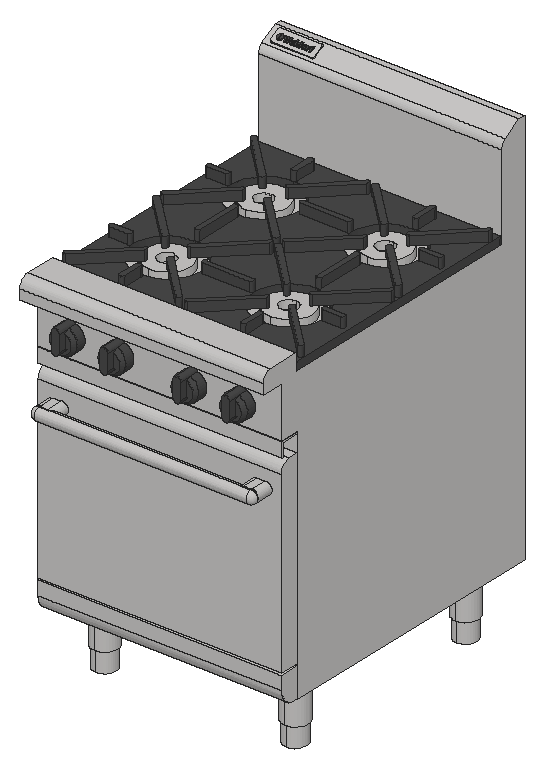
Revit family "QF_MOFFAT WALDORF_RN8410G", category Specialty Equipment, Revit 2012
Parameters
  Weight in Pounds = 346.1253
  URL Cutsheet = "www.moffat.com"
  URL = "www.moffat.com"
  Type Mark [instance] = ""
  Status [instance] = ""
  Specification by User [instance] = ""
  Specification by Manufacturer = ""
  Show Logo [instance] = yes
  Show Clearance [instance] = yes
  Show Casters [instance] = no
  Serial Number = ""
  Seismic Rating = ""
  SMACNA No = ""
  Revision Code [instance] = ""
  Omniclass Number and Title = ""
  NAFEM Spec ID Number = ""
  Model = "RN8410G"
  Mechanical Remarks [instance] = ""
  Mechanical Connection Type [instance] = ""
  Masterspec = ""
  Manufacturer = "MOFFAT WALDORF"
  Legs [instance] = not(Show Casters)  # yes
  Item Number [instance] = ""
  Installed By [instance] = ""
  Identify Quantity as Lot [instance] = yes
  Gas Size = 3/4"
  Gas RI Height [instance] = 0 mm
  Gas KW [instance] = 37.7
  Gas Input [instance] = 128903.0 Btu/h
  Gas Connection Height = 0 mm
  Furnished By [instance] = ""
  Foodservice Equipment Identifier [instance] = yes
  Description = "RANGE GAS WITH STATIC OVEN"
  CSI MasterFormat = ""
  CSI Master Format = ""
Reference planes
  plane 1 "BACK": y = 0
  plane 2: z = 0
  plane 3 "LEFT": x = 0
  plane 4 "RIGHT": x = 600
  plane 5 "FRONT": y = -805
  plane 6 "TOP": z = 1130
  plane 7 "Center Y": x = 300
  plane 8 "Center X": y = -402.5
  plane 9: x = 65
  plane 10: x = 535
  plane 11: y = -100
  plane 12 "Base Height": z = 150
  plane 13: x = 65.8
  plane 14: x = 470
Forms (mm)
  Extrusion 1, solid, material "QF_Finishes_Stainless Steel"
    sketch origin (0, 0, 0) x (0, 1, 0) y (0, 0, 1)
      loop
        line (-805, 891) -> (-805, 866) -> (-749, 866) -> (-749, 740) -> (-699, 740) -> (-699, 150) -> (0, 150) -> (0, 1130) -> (-16.5, 1130) -> (-58.709, 1105.631)
        arc (-58.709, 1105.631) -> (-66.975, 1097.365) -> (-70, 1086.074) r 22.582
        line (-70, 1086.074) -> (-70, 875) -> (-705, 875) -> (-705, 915) -> (-781, 915)
        arc (-781, 915) -> (-797.971, 907.971) -> (-805, 891) r 24
      loop
        line (-701, 222.5) -> (-749, 222.5) -> (-749, 188)
        arc (-749, 188) -> (-737.87, 161.13) -> (-711, 150) r 38
        line (-711, 150) -> (-701, 150) -> (-701, 222.5)
      loop
        line (-701, 227.5) -> (-701, 692.5) -> (-722.805, 692.5)
        arc (-722.805, 692.5) -> (-741.328, 684.828) -> (-749, 666.305) r 26.195
        line (-749, 666.305) -> (-749, 227.5) -> (-701, 227.5)
      loop
        line (-749, 738) -> (-749, 703) -> (-745.98, 703) -> (-745.98, 735) -> (-701, 735) -> (-701, 738) -> (-749, 738)
    from 0 to 600
  Extrusion 2, solid, material "QF_Finishes_Stainless Steel"
    sketch origin (405.062, 3, 100) x (1, 0, 0) y (0, 1, 0)
      loop
        circle (65, -35) r 13.5
    from 555 to 640
  Revolve 3, solid, material "QF_Finishes_Stainless Steel", visible <- "Legs"
    sketch origin (65, -165, 0) x (0, 1, 0) y (0, 0, 1)
      loop
        line (33.25, 150) -> (33.25, 50) -> (37.5, 50) -> (37.5, 0) -> (65, 0) -> (65, 150) -> (33.25, 150)
      axis (65, 150) -> (65, 0)
    angle from 0 to 360
  Revolve 4, solid, material "QF_Finishes_Stainless Steel"
    sketch origin (65, -735, 0) x (0, 1, 0) y (0, 0, 1)
      loop
        line (78.25, 150) -> (78.25, 50) -> (82.5, 50) -> (82.5, 0) -> (110, 0) -> (110, 150) -> (78.25, 150)
      axis (110, 150) -> (110, 0)
    angle from 0 to 360
  Revolve 5, solid, material "QF_Finishes_Stainless Steel"
    sketch origin (535, -735, 0) x (0, 1, 0) y (0, 0, -1)
      loop
        line (78.25, -150) -> (110, -150) -> (110, 0) -> (82.5, 0) -> (82.5, -50) -> (78.25, -50) -> (78.25, -150)
      axis (110, -150) -> (110, 0)
    angle from 0 to 360
  Revolve 6, solid, material "QF_Finishes_Stainless Steel", visible <- "Legs"
    sketch origin (535, -165, 0) x (0, 1, 0) y (0, 0, -1)
      loop
        line (33.25, -150) -> (65, -150) -> (65, 0) -> (37.5, 0) -> (37.5, -50) -> (33.25, -50) -> (33.25, -150)
      axis (65, -150) -> (65, 0)
    angle from 0 to 360
  Extrusion 7, solid, material "QF_Finishes_Black"
    sketch origin (0, -70, 875) x (0, -1, 0) y (1, 0, 0)
      loop
        arc (1, 4) -> (1.879, 1.879) -> (4, 1) r 3
        line (4, 1) -> (631, 1)
        arc (631, 1) -> (633.121, 1.879) -> (634, 4) r 3
        line (634, 4) -> (634, 596)
        arc (634, 596) -> (633.121, 598.121) -> (631, 599) r 3
        line (631, 599) -> (4, 599)
        arc (4, 599) -> (1.879, 598.121) -> (1, 596) r 3
        line (1, 596) -> (1, 4)
      loop
        circle (167.5, 150) r 85
      loop
        circle (167.5, 450) r 85
      loop
        circle (467.768, 150) r 85
      loop
        circle (467.768, 450) r 85
    from 0 to 19.5
  Extrusion 8, solid, material "QF_Finishes_Black"
    sketch origin (0, -70, 894.5) x (0, -1, 0) y (1, 0, 0)
      loop
        spline (323.602, 15.153) -> (322.681, 13.924) -> (322.131, 12.47) -> (321.99, 10.89) -> (322.267, 9.292) -> (322.943, 7.786) -> (323.973, 6.473) -> (325.286, 5.443) -> (326.792, 4.767) -> (328.39, 4.49) -> (329.97, 4.631) -> (331.424, 5.181) -> (332.653, 6.102)
        line (332.653, 6.102) -> (440.576, 114.025)
        spline (440.576, 114.025) -> (441.337, 115.095) -> (441.738, 116.399) -> (441.751, 117.851) -> (441.375, 119.35) -> (440.637, 120.795) -> (439.586, 122.086) -> (438.295, 123.137) -> (436.85, 123.875) -> (435.351, 124.251) -> (433.899, 124.238) -> (432.595, 123.837) -> (431.525, 123.076)
        line (431.525, 123.076) -> (323.602, 15.153)
      loop
        line (611.398, 15.153) -> (503.475, 123.076)
        spline (503.475, 123.076) -> (502.405, 123.837) -> (501.101, 124.238) -> (499.649, 124.251) -> (498.15, 123.875) -> (496.705, 123.137) -> (495.414, 122.086) -> (494.363, 120.795) -> (493.625, 119.35) -> (493.249, 117.851) -> (493.262, 116.399) -> (493.663, 115.095) -> (494.424, 114.025)
        line (494.424, 114.025) -> (602.347, 6.102)
        spline (602.347, 6.102) -> (603.416, 5.341) -> (604.721, 4.941) -> (606.172, 4.928) -> (607.671, 5.303) -> (609.116, 6.041) -> (610.408, 7.092) -> (611.459, 8.384) -> (612.197, 9.829) -> (612.572, 11.328) -> (612.559, 12.779) -> (612.159, 14.084) -> (611.398, 15.153)
      loop
        spline (375.602, 143.6) -> (376.896, 143.818) -> (378.102, 144.457) -> (379.138, 145.475) -> (379.932, 146.8) -> (380.432, 148.344) -> (380.602, 150) -> (380.432, 151.656) -> (379.932, 153.2) -> (379.138, 154.525) -> (378.102, 155.543) -> (376.896, 156.182) -> (375.602, 156.4)
        line (375.602, 156.4) -> (259.398, 156.4)
        spline (259.398, 156.4) -> (258.104, 156.182) -> (256.898, 155.543) -> (255.862, 154.525) -> (255.068, 153.2) -> (254.568, 151.656) -> (254.398, 150) -> (254.568, 148.344) -> (255.068, 146.8) -> (255.862, 145.475) -> (256.898, 144.457) -> (258.104, 143.818) -> (259.398, 143.6)
        line (259.398, 143.6) -> (375.602, 143.6)
      loop
        spline (23.602, 15.153) -> (22.681, 13.924) -> (22.131, 12.47) -> (21.99, 10.89) -> (22.267, 9.292) -> (22.943, 7.786) -> (23.973, 6.473) -> (25.286, 5.443) -> (26.792, 4.767) -> (28.39, 4.49) -> (29.97, 4.631) -> (31.424, 5.181) -> (32.653, 6.102)
        line (32.653, 6.102) -> (140.576, 114.025)
        spline (140.576, 114.025) -> (141.337, 115.095) -> (141.738, 116.399) -> (141.751, 117.851) -> (141.375, 119.35) -> (140.637, 120.795) -> (139.586, 122.086) -> (138.295, 123.137) -> (136.85, 123.875) -> (135.351, 124.251) -> (133.899, 124.238) -> (132.595, 123.837) -> (131.525, 123.076)
        line (131.525, 123.076) -> (23.602, 15.153)
      loop
        line (311.398, 15.153) -> (203.475, 123.076)
        spline (203.475, 123.076) -> (202.405, 123.837) -> (201.101, 124.238) -> (199.649, 124.251) -> (198.15, 123.875) -> (196.705, 123.137) -> (195.414, 122.086) -> (194.363, 120.795) -> (193.625, 119.35) -> (193.249, 117.851) -> (193.262, 116.399) -> (193.663, 115.095) -> (194.424, 114.025)
        line (194.424, 114.025) -> (302.347, 6.102)
        spline (302.347, 6.102) -> (303.416, 5.341) -> (304.721, 4.941) -> (306.172, 4.928) -> (307.671, 5.303) -> (309.116, 6.041) -> (310.408, 7.092) -> (311.459, 8.384) -> (312.197, 9.829) -> (312.572, 11.328) -> (312.559, 12.779) -> (312.159, 14.084) -> (311.398, 15.153)
      loop
        line (323.602, 284.847) -> (431.525, 176.924)
        spline (431.525, 176.924) -> (432.595, 176.163) -> (433.899, 175.762) -> (435.351, 175.749) -> (436.85, 176.125) -> (438.295, 176.863) -> (439.586, 177.914) -> (440.637, 179.205) -> (441.375, 180.65) -> (441.751, 182.149) -> (441.738, 183.601) -> (441.337, 184.905) -> (440.576, 185.975)
        line (440.576, 185.975) -> (332.653, 293.898)
        spline (332.653, 293.898) -> (331.424, 294.819) -> (329.97, 295.369) -> (328.39, 295.51) -> (326.792, 295.233) -> (325.286, 294.557) -> (323.973, 293.527) -> (322.943, 292.214) -> (322.267, 290.708) -> (321.99, 289.11) -> (322.131, 287.53) -> (322.681, 286.076) -> (323.602, 284.847)
      loop
        spline (611.398, 284.847) -> (612.159, 285.916) -> (612.559, 287.221) -> (612.572, 288.672) -> (612.197, 290.171) -> (611.459, 291.616) -> (610.408, 292.908) -> (609.116, 293.959) -> (607.671, 294.697) -> (606.172, 295.072) -> (604.721, 295.059) -> (603.416, 294.659) -> (602.347, 293.898)
        line (602.347, 293.898) -> (494.424, 185.975)
        spline (494.424, 185.975) -> (493.663, 184.905) -> (493.262, 183.601) -> (493.249, 182.149) -> (493.625, 180.65) -> (494.363, 179.205) -> (495.414, 177.914) -> (496.705, 176.863) -> (498.15, 176.125) -> (499.649, 175.749) -> (501.101, 175.762) -> (502.405, 176.163) -> (503.475, 176.924)
        line (503.475, 176.924) -> (611.398, 284.847)
      loop
        spline (461.1, 241.898) -> (461.318, 240.604) -> (461.957, 239.398) -> (462.975, 238.362) -> (464.3, 237.568) -> (465.844, 237.068) -> (467.5, 236.898) -> (469.156, 237.068) -> (470.7, 237.568) -> (472.025, 238.362) -> (473.043, 239.398) -> (473.682, 240.604) -> (473.9, 241.898)
        line (473.9, 241.898) -> (473.9, 358.102)
        spline (473.9, 358.102) -> (473.682, 359.396) -> (473.043, 360.602) -> (472.025, 361.638) -> (470.7, 362.432) -> (469.156, 362.932) -> (467.5, 363.102) -> (465.844, 362.932) -> (464.3, 362.432) -> (462.975, 361.638) -> (461.957, 360.602) -> (461.318, 359.396) -> (461.1, 358.102)
        line (461.1, 358.102) -> (461.1, 241.898)
      loop
        line (23.602, 284.847) -> (131.525, 176.924)
        spline (131.525, 176.924) -> (132.595, 176.163) -> (133.899, 175.762) -> (135.351, 175.749) -> (136.85, 176.125) -> (138.295, 176.863) -> (139.586, 177.914) -> (140.637, 179.205) -> (141.375, 180.65) -> (141.751, 182.149) -> (141.738, 183.601) -> (141.337, 184.905) -> (140.576, 185.975)
        line (140.576, 185.975) -> (32.653, 293.898)
        spline (32.653, 293.898) -> (31.424, 294.819) -> (29.97, 295.369) -> (28.39, 295.51) -> (26.792, 295.233) -> (25.286, 294.557) -> (23.973, 293.527) -> (22.943, 292.214) -> (22.267, 290.708) -> (21.99, 289.11) -> (22.131, 287.53) -> (22.681, 286.076) -> (23.602, 284.847)
      loop
        spline (311.398, 284.847) -> (312.159, 285.916) -> (312.559, 287.221) -> (312.572, 288.672) -> (312.197, 290.171) -> (311.459, 291.616) -> (310.408, 292.908) -> (309.116, 293.959) -> (307.671, 294.697) -> (306.172, 295.072) -> (304.721, 295.059) -> (303.416, 294.659) -> (302.347, 293.898)
        line (302.347, 293.898) -> (194.424, 185.975)
        spline (194.424, 185.975) -> (193.663, 184.905) -> (193.262, 183.601) -> (193.249, 182.149) -> (193.625, 180.65) -> (194.363, 179.205) -> (195.414, 177.914) -> (196.705, 176.863) -> (198.15, 176.125) -> (199.649, 175.749) -> (201.101, 175.762) -> (202.405, 176.163) -> (203.475, 176.924)
        line (203.475, 176.924) -> (311.398, 284.847)
      loop
        spline (161.1, 241.898) -> (161.318, 240.604) -> (161.957, 239.398) -> (162.975, 238.362) -> (164.3, 237.568) -> (165.844, 237.068) -> (167.5, 236.898) -> (169.156, 237.068) -> (170.7, 237.568) -> (172.025, 238.362) -> (173.043, 239.398) -> (173.682, 240.604) -> (173.9, 241.898)
        line (173.9, 241.898) -> (173.9, 358.102)
        spline (173.9, 358.102) -> (173.682, 359.396) -> (173.043, 360.602) -> (172.025, 361.638) -> (170.7, 362.432) -> (169.156, 362.932) -> (167.5, 363.102) -> (165.844, 362.932) -> (164.3, 362.432) -> (162.975, 361.638) -> (161.957, 360.602) -> (161.318, 359.396) -> (161.1, 358.102)
        line (161.1, 358.102) -> (161.1, 241.898)
      loop
        line (323.602, 584.847) -> (431.525, 476.924)
        spline (431.525, 476.924) -> (432.595, 476.163) -> (433.899, 475.762) -> (435.351, 475.749) -> (436.85, 476.125) -> (438.295, 476.863) -> (439.586, 477.914) -> (440.637, 479.205) -> (441.375, 480.65) -> (441.751, 482.149) -> (441.738, 483.601) -> (441.337, 484.905) -> (440.576, 485.975)
        line (440.576, 485.975) -> (332.653, 593.898)
        spline (332.653, 593.898) -> (331.424, 594.819) -> (329.97, 595.369) -> (328.39, 595.51) -> (326.792, 595.233) -> (325.286, 594.557) -> (323.973, 593.527) -> (322.943, 592.214) -> (322.267, 590.708) -> (321.99, 589.11) -> (322.131, 587.53) -> (322.681, 586.076) -> (323.602, 584.847)
      loop
        spline (611.398, 584.847) -> (612.159, 585.916) -> (612.559, 587.221) -> (612.572, 588.672) -> (612.197, 590.171) -> (611.459, 591.616) -> (610.408, 592.908) -> (609.116, 593.959) -> (607.671, 594.697) -> (606.172, 595.072) -> (604.721, 595.059) -> (603.416, 594.659) -> (602.347, 593.898)
        line (602.347, 593.898) -> (494.424, 485.975)
        spline (494.424, 485.975) -> (493.663, 484.905) -> (493.262, 483.601) -> (493.249, 482.149) -> (493.625, 480.65) -> (494.363, 479.205) -> (495.414, 477.914) -> (496.705, 476.863) -> (498.15, 476.125) -> (499.649, 475.749) -> (501.101, 475.762) -> (502.405, 476.163) -> (503.475, 476.924)
        line (503.475, 476.924) -> (611.398, 584.847)
      loop
        line (375.602, 456.4) -> (259.398, 456.4)
        spline (259.398, 456.4) -> (258.104, 456.182) -> (256.898, 455.543) -> (255.862, 454.525) -> (255.068, 453.2) -> (254.568, 451.656) -> (254.398, 450) -> (254.568, 448.344) -> (255.068, 446.8) -> (255.862, 445.475) -> (256.898, 444.457) -> (258.104, 443.818) -> (259.398, 443.6)
        line (259.398, 443.6) -> (375.602, 443.6)
        spline (375.602, 443.6) -> (376.896, 443.818) -> (378.102, 444.457) -> (379.138, 445.475) -> (379.932, 446.8) -> (380.432, 448.344) -> (380.602, 450) -> (380.432, 451.656) -> (379.932, 453.2) -> (379.138, 454.525) -> (378.102, 455.543) -> (376.896, 456.182) -> (375.602, 456.4)
      loop
        line (23.602, 584.847) -> (131.525, 476.924)
        spline (131.525, 476.924) -> (132.595, 476.163) -> (133.899, 475.762) -> (135.351, 475.749) -> (136.85, 476.125) -> (138.295, 476.863) -> (139.586, 477.914) -> (140.637, 479.205) -> (141.375, 480.65) -> (141.751, 482.149) -> (141.738, 483.601) -> (141.337, 484.905) -> (140.576, 485.975)
        line (140.576, 485.975) -> (32.653, 593.898)
        spline (32.653, 593.898) -> (31.424, 594.819) -> (29.97, 595.369) -> (28.39, 595.51) -> (26.792, 595.233) -> (25.286, 594.557) -> (23.973, 593.527) -> (22.943, 592.214) -> (22.267, 590.708) -> (21.99, 589.11) -> (22.131, 587.53) -> (22.681, 586.076) -> (23.602, 584.847)
      loop
        spline (311.398, 584.847) -> (312.159, 585.916) -> (312.559, 587.221) -> (312.572, 588.672) -> (312.197, 590.171) -> (311.459, 591.616) -> (310.408, 592.908) -> (309.116, 593.959) -> (307.671, 594.697) -> (306.172, 595.072) -> (304.721, 595.059) -> (303.416, 594.659) -> (302.347, 593.898)
        line (302.347, 593.898) -> (194.424, 485.975)
        spline (194.424, 485.975) -> (193.663, 484.905) -> (193.262, 483.601) -> (193.249, 482.149) -> (193.625, 480.65) -> (194.363, 479.205) -> (195.414, 477.914) -> (196.705, 476.863) -> (198.15, 476.125) -> (199.649, 475.749) -> (201.101, 475.762) -> (202.405, 476.163) -> (203.475, 476.924)
        line (203.475, 476.924) -> (311.398, 584.847)
      loop
        spline (323.602, 315.153) -> (322.681, 313.924) -> (322.131, 312.47) -> (321.99, 310.89) -> (322.267, 309.292) -> (322.943, 307.786) -> (323.973, 306.473) -> (325.286, 305.443) -> (326.792, 304.767) -> (328.39, 304.49) -> (329.97, 304.631) -> (331.424, 305.181) -> (332.653, 306.102)
        line (332.653, 306.102) -> (440.576, 414.025)
        spline (440.576, 414.025) -> (441.337, 415.095) -> (441.738, 416.399) -> (441.751, 417.851) -> (441.375, 419.35) -> (440.637, 420.795) -> (439.586, 422.086) -> (438.295, 423.137) -> (436.85, 423.875) -> (435.351, 424.251) -> (433.899, 424.238) -> (432.595, 423.837) -> (431.525, 423.076)
        line (431.525, 423.076) -> (323.602, 315.153)
      loop
        line (611.398, 315.153) -> (503.475, 423.076)
        spline (503.475, 423.076) -> (502.405, 423.837) -> (501.101, 424.238) -> (499.649, 424.251) -> (498.15, 423.875) -> (496.705, 423.137) -> (495.414, 422.086) -> (494.363, 420.795) -> (493.625, 419.35) -> (493.249, 417.851) -> (493.262, 416.399) -> (493.663, 415.095) -> (494.424, 414.025)
        line (494.424, 414.025) -> (602.347, 306.102)
        spline (602.347, 306.102) -> (603.416, 305.341) -> (604.721, 304.941) -> (606.172, 304.928) -> (607.671, 305.303) -> (609.116, 306.041) -> (610.408, 307.092) -> (611.459, 308.384) -> (612.197, 309.829) -> (612.572, 311.328) -> (612.559, 312.779) -> (612.159, 314.084) -> (611.398, 315.153)
      loop
        spline (23.602, 315.153) -> (22.681, 313.924) -> (22.131, 312.47) -> (21.99, 310.89) -> (22.267, 309.292) -> (22.943, 307.786) -> (23.973, 306.473) -> (25.286, 305.443) -> (26.792, 304.767) -> (28.39, 304.49) -> (29.97, 304.631) -> (31.424, 305.181) -> (32.653, 306.102)
        line (32.653, 306.102) -> (140.576, 414.025)
        spline (140.576, 414.025) -> (141.337, 415.095) -> (141.738, 416.399) -> (141.751, 417.851) -> (141.375, 419.35) -> (140.637, 420.795) -> (139.586, 422.086) -> (138.295, 423.137) -> (136.85, 423.875) -> (135.351, 424.251) -> (133.899, 424.238) -> (132.595, 423.837) -> (131.525, 423.076)
        line (131.525, 423.076) -> (23.602, 315.153)
      loop
        line (311.398, 315.153) -> (203.475, 423.076)
        spline (203.475, 423.076) -> (202.405, 423.837) -> (201.101, 424.238) -> (199.649, 424.251) -> (198.15, 423.875) -> (196.705, 423.137) -> (195.414, 422.086) -> (194.363, 420.795) -> (193.625, 419.35) -> (193.249, 417.851) -> (193.262, 416.399) -> (193.663, 415.095) -> (194.424, 414.025)
        line (194.424, 414.025) -> (302.347, 306.102)
        spline (302.347, 306.102) -> (303.416, 305.341) -> (304.721, 304.941) -> (306.172, 304.928) -> (307.671, 305.303) -> (309.116, 306.041) -> (310.408, 307.092) -> (311.459, 308.384) -> (312.197, 309.829) -> (312.572, 311.328) -> (312.559, 312.779) -> (312.159, 314.084) -> (311.398, 315.153)
      loop
        spline (77.5, 143.6) -> (78.794, 143.818) -> (80, 144.457) -> (81.036, 145.475) -> (81.83, 146.8) -> (82.33, 148.344) -> (82.5, 150) -> (82.33, 151.656) -> (81.83, 153.2) -> (81.036, 154.525) -> (80, 155.543) -> (78.794, 156.182) -> (77.5, 156.4)
        line (77.5, 156.4) -> (26.296, 156.4)
        spline (26.296, 156.4) -> (25.002, 156.182) -> (23.796, 155.543) -> (22.76, 154.525) -> (21.966, 153.2) -> (21.466, 151.656) -> (21.296, 150) -> (21.466, 148.344) -> (21.966, 146.8) -> (22.76, 145.475) -> (23.796, 144.457) -> (25.002, 143.818) -> (26.296, 143.6)
        line (26.296, 143.6) -> (77.5, 143.6)
      loop
        spline (77.5, 443.624) -> (78.794, 443.842) -> (80, 444.481) -> (81.036, 445.498) -> (81.83, 446.824) -> (82.33, 448.367) -> (82.5, 450.024) -> (82.33, 451.68) -> (81.83, 453.224) -> (81.036, 454.549) -> (80, 455.566) -> (78.794, 456.206) -> (77.5, 456.424)
        line (77.5, 456.424) -> (26.296, 456.424)
        spline (26.296, 456.424) -> (25.002, 456.206) -> (23.796, 455.566) -> (22.76, 454.549) -> (21.966, 453.224) -> (21.466, 451.68) -> (21.296, 450.024) -> (21.466, 448.367) -> (21.966, 446.824) -> (22.76, 445.498) -> (23.796, 444.481) -> (25.002, 443.842) -> (26.296, 443.624)
        line (26.296, 443.624) -> (77.5, 443.624)
      loop
        line (557.5, 143.6) -> (608.704, 143.6)
        spline (608.704, 143.6) -> (609.998, 143.818) -> (611.204, 144.457) -> (612.24, 145.475) -> (613.034, 146.8) -> (613.534, 148.344) -> (613.704, 150) -> (613.534, 151.656) -> (613.034, 153.2) -> (612.24, 154.525) -> (611.204, 155.543) -> (609.998, 156.182) -> (608.704, 156.4)
        line (608.704, 156.4) -> (557.5, 156.4)
        spline (557.5, 156.4) -> (556.206, 156.182) -> (555, 155.543) -> (553.964, 154.525) -> (553.17, 153.2) -> (552.67, 151.656) -> (552.5, 150) -> (552.67, 148.344) -> (553.17, 146.8) -> (553.964, 145.475) -> (555, 144.457) -> (556.206, 143.818) -> (557.5, 143.6)
      loop
        line (557.5, 443.624) -> (608.704, 443.624)
        spline (608.704, 443.624) -> (609.998, 443.842) -> (611.204, 444.481) -> (612.24, 445.498) -> (613.034, 446.824) -> (613.534, 448.367) -> (613.704, 450.024) -> (613.534, 451.68) -> (613.034, 453.224) -> (612.24, 454.549) -> (611.204, 455.566) -> (609.998, 456.206) -> (608.704, 456.424)
        line (608.704, 456.424) -> (557.5, 456.424)
        spline (557.5, 456.424) -> (556.206, 456.206) -> (555, 455.566) -> (553.964, 454.549) -> (553.17, 453.224) -> (552.67, 451.68) -> (552.5, 450.024) -> (552.67, 448.367) -> (553.17, 446.824) -> (553.964, 445.498) -> (555, 444.481) -> (556.206, 443.842) -> (557.5, 443.624)
      loop
        spline (161.1, 11.898) -> (161.318, 10.604) -> (161.957, 9.398) -> (162.975, 8.362) -> (164.3, 7.568) -> (165.844, 7.068) -> (167.5, 6.898) -> (169.156, 7.068) -> (170.7, 7.568) -> (172.025, 8.362) -> (173.043, 9.398) -> (173.682, 10.604) -> (173.9, 11.898)
        line (173.9, 11.898) -> (173.9, 58.102)
        spline (173.9, 58.102) -> (173.682, 59.396) -> (173.043, 60.602) -> (172.025, 61.638) -> (170.7, 62.432) -> (169.156, 62.932) -> (167.5, 63.102) -> (165.844, 62.932) -> (164.3, 62.432) -> (162.975, 61.638) -> (161.957, 60.602) -> (161.318, 59.396) -> (161.1, 58.102)
        line (161.1, 58.102) -> (161.1, 11.898)
      loop
        spline (461.234, 11.898) -> (461.452, 10.604) -> (462.091, 9.398) -> (463.108, 8.362) -> (464.434, 7.568) -> (465.978, 7.068) -> (467.634, 6.898) -> (469.29, 7.068) -> (470.834, 7.568) -> (472.159, 8.362) -> (473.177, 9.398) -> (473.816, 10.604) -> (474.034, 11.898)
        line (474.034, 11.898) -> (474.034, 58.102)
        spline (474.034, 58.102) -> (473.816, 59.396) -> (473.177, 60.602) -> (472.159, 61.638) -> (470.834, 62.432) -> (469.29, 62.932) -> (467.634, 63.102) -> (465.978, 62.932) -> (464.434, 62.432) -> (463.108, 61.638) -> (462.091, 60.602) -> (461.452, 59.396) -> (461.234, 58.102)
        line (461.234, 58.102) -> (461.234, 11.898)
      loop
        spline (161.1, 536.898) -> (161.318, 535.604) -> (161.957, 534.398) -> (162.975, 533.362) -> (164.3, 532.568) -> (165.844, 532.068) -> (167.5, 531.898) -> (169.156, 532.068) -> (170.7, 532.568) -> (172.025, 533.362) -> (173.043, 534.398) -> (173.682, 535.604) -> (173.9, 536.898)
        line (173.9, 536.898) -> (173.9, 583.102)
        spline (173.9, 583.102) -> (173.682, 584.396) -> (173.043, 585.602) -> (172.025, 586.638) -> (170.7, 587.432) -> (169.156, 587.932) -> (167.5, 588.102) -> (165.844, 587.932) -> (164.3, 587.432) -> (162.975, 586.638) -> (161.957, 585.602) -> (161.318, 584.396) -> (161.1, 583.102)
        line (161.1, 583.102) -> (161.1, 536.898)
      loop
        spline (461.234, 536.898) -> (461.452, 535.604) -> (462.091, 534.398) -> (463.108, 533.362) -> (464.434, 532.568) -> (465.978, 532.068) -> (467.634, 531.898) -> (469.29, 532.068) -> (470.834, 532.568) -> (472.159, 533.362) -> (473.177, 534.398) -> (473.816, 535.604) -> (474.034, 536.898)
        line (474.034, 536.898) -> (474.034, 583.102)
        spline (474.034, 583.102) -> (473.816, 584.396) -> (473.177, 585.602) -> (472.159, 586.638) -> (470.834, 587.432) -> (469.29, 587.932) -> (467.634, 588.102) -> (465.978, 587.932) -> (464.434, 587.432) -> (463.108, 586.638) -> (462.091, 585.602) -> (461.452, 584.396) -> (461.234, 583.102)
        line (461.234, 583.102) -> (461.234, 536.898)
    from 0 to 23.5
  Revolve 9, solid, material "QF_Finishes_Black"
    sketch origin (210, 0, 600.895) x (0, -1, 0) y (0, 0, 1)
      loop
        line (782, 229.605) -> (759, 229.605) -> (759, 202.105) -> (749, 202.105) -> (749, 197.105) -> (793, 197.105) -> (793, 223.757) -> (782, 229.605)
      axis (793, 197.105) -> (749, 197.105)
    angle from 0 to 360
  Extrusion 10, solid, material "QF_Finishes_Black"
    sketch origin (71.569, 0, 496.898) x (1, 0, 0) y (0, 0, 1)
      loop
        line (148.431, 289) -> (148.431, 327.997)
        arc (148.431, 327.997) -> (138.431, 337.997) -> (128.431, 327.997) r 10
        line (128.431, 327.997) -> (128.431, 289)
        arc (128.431, 289) -> (138.431, 279) -> (148.431, 289) r 10
    from 759 to 808
  Revolve 11, solid, material "QF_Finishes_Black"
    sketch origin (89.999, 0, 600.768) x (0, 1, 0) y (0, 0, -1)
      loop
        line (-782, -229.5) -> (-759, -229.5) -> (-759, -202) -> (-749, -202) -> (-749, -197) -> (-793, -197) -> (-793, -223.651) -> (-782, -229.5)
      axis (-793, -197) -> (-749, -197)
    angle from 0 to 360
  Extrusion 12, solid, material "QF_Finishes_Black"
    sketch origin (228.269, 0, 600.926) x (-1, 0, 0) y (0, 0, -1)
      loop
        arc (148.269, -184.969) -> (138.269, -174.969) -> (128.269, -184.969) r 10
        line (128.269, -184.969) -> (128.269, -223.969)
        arc (128.269, -223.969) -> (138.269, -233.969) -> (148.269, -223.969) r 10
        line (148.269, -223.969) -> (148.269, -184.969)
    from 759 to 808
  Revolve 13, solid, material "QF_Finishes_Black"
    sketch origin (510, 0, 600.895) x (0, -1, 0) y (0, 0, 1)
      loop
        line (782, 229.605) -> (759, 229.605) -> (759, 202.105) -> (749, 202.105) -> (749, 197.105) -> (793, 197.105) -> (793, 223.757) -> (782, 229.605)
      axis (793, 197.105) -> (749, 197.105)
    angle from 0 to 360
  Extrusion 14, solid, material "QF_Finishes_Black"
    sketch origin (371.569, 0, 496.898) x (1, 0, 0) y (0, 0, 1)
      loop
        line (148.431, 289) -> (148.431, 327.997)
        arc (148.431, 327.997) -> (138.431, 337.997) -> (128.431, 327.997) r 10
        line (128.431, 327.997) -> (128.431, 289)
        arc (128.431, 289) -> (138.431, 279) -> (148.431, 289) r 10
    from 759 to 808
  Revolve 15, solid, material "QF_Finishes_Black"
    sketch origin (389.999, 0, 600.768) x (0, 1, 0) y (0, 0, -1)
      loop
        line (-782, -229.5) -> (-759, -229.5) -> (-759, -202) -> (-749, -202) -> (-749, -197) -> (-793, -197) -> (-793, -223.651) -> (-782, -229.5)
      axis (-793, -197) -> (-749, -197)
    angle from 0 to 360
  Extrusion 16, solid, material "QF_Finishes_Black"
    sketch origin (528.269, 0, 600.926) x (-1, 0, 0) y (0, 0, -1)
      loop
        arc (148.269, -184.969) -> (138.269, -174.969) -> (128.269, -184.969) r 10
        line (128.269, -184.969) -> (128.269, -223.969)
        arc (128.269, -223.969) -> (138.269, -233.969) -> (148.269, -223.969) r 10
        line (148.269, -223.969) -> (148.269, -184.969)
    from 759 to 808
  Extrusion 17, solid, material "QF_Door-Drawer Clearances", visible <- "Show Clearance", detail levels coarse
    sketch origin (0, 2, 0) x (0, -1, 0) y (0, 0, 1)
      loop
        line (751, 692.496) -> (751, 227.5) -> (1215.996, 227.5)
        arc (1215.996, 227.5) -> (1079.802, 556.302) -> (751, 692.496) r 464.996
    from 0 to -600
  Extrusion 18, void
    sketch origin (0, 0, 150) x (-1, 0, 0) y (0, -1, 0)
      loop
        line (-531, 87.26) -> (-531, -30.24) -> (-401.5, -30.24) -> (-401.5, 38.76) -> (-450, 87.26) -> (-531, 87.26)
    from 72.5 to 590
  Extrusion 19, solid, material "QF_Finishes_Stainless Steel"
    sketch origin (0, -70, 875) x (0, -1, 0) y (1, 0, 0)
      loop
        circle (167.5, 450) r 57
      loop
        circle (467.5, 450) r 57
      loop
        circle (467.5, 150) r 57
      loop
        circle (168.75, 150) r 57
      loop
        circle (171.25, 150) r 22.112
      loop
        circle (171.25, 450) r 22.112
      loop
        circle (468.75, 450) r 22.112
      loop
        circle (469.375, 150) r 22.112
    from 0 to 19.5
  Extrusion 20, solid, material "QF_Finishes_Stainless Steel"
    sketch origin (0, -749, 227.5) x (0, 0, 1) y (-1, 0, 0)
      loop
        line (380.625, -38.246) -> (380.625, -58.528)
        arc (380.625, -58.528) -> (395.625, -73.528) -> (410.625, -58.528) r 15
        line (410.625, -58.528) -> (410.625, -38.246)
        arc (410.625, -38.246) -> (395.625, -23.246) -> (380.625, -38.246) r 15
      loop
        arc (380.625, -560.539) -> (395.625, -575.539) -> (410.625, -560.539) r 15
        line (410.625, -560.539) -> (410.625, -540.257)
        arc (410.625, -540.257) -> (395.625, -525.257) -> (380.625, -540.257) r 15
        line (380.625, -540.257) -> (380.625, -560.539)
    from 0 to 44
  Revolve 21, solid, material "QF_Finishes_Stainless Steel"
    sketch origin (0, -793, 0) x (1, 0, 0) y (0, 0, 1)
      loop
        arc (575.539, 623.125) -> (571.146, 633.732) -> (560.539, 638.125) r 15
        line (560.539, 638.125) -> (38.246, 638.125)
        arc (38.246, 638.125) -> (27.64, 633.732) -> (23.246, 623.125) r 15
        line (23.246, 623.125) -> (575.539, 623.125)
      axis (575.539, 623.125) -> (23.246, 623.125)
    angle from 0 to 360
Cuts and joins
  Extrusion 18 cuts Extrusion 1
Lines and regions (mm)
  Split face 1
    outline origin (22.5, -19.748, 1128.125) x (0, -0.866025, -0.5) y (1, 0, 0)
      loop
        line (1.427, 105.5) -> (35.836, 105.5) -> (35.836, 125.5) -> (1.427, 125.5) -> (1.427, 105.5)
  Split face 2
    outline origin (49.289, -19.748, 1128.125) x (0, -0.866025, -0.5) y (1, 0, 0)
      loop
        line (1.427, 105.5) -> (35.836, 105.5) -> (35.836, 125.5) -> (1.427, 125.5) -> (1.427, 105.5)
  Split face 3
    outline origin (76.967, -19.748, 1128.125) x (0, -0.866025, -0.5) y (1, 0, 0)
      loop
        line (1.427, 105.5) -> (35.836, 105.5) -> (35.836, 125.5) -> (1.427, 125.5) -> (1.427, 105.5)
  Split face 4
    outline origin (103.591, -19.748, 1128.125) x (0, -0.866025, -0.5) y (1, 0, 0)
      loop
        line (1.427, 105.5) -> (35.836, 105.5) -> (35.836, 125.5) -> (1.427, 125.5) -> (1.427, 105.5)
  Split face 5
    outline origin (130.215, -19.748, 1128.125) x (0, -0.866025, -0.5) y (1, 0, 0)
      loop
        line (1.427, 105.5) -> (35.836, 105.5) -> (35.836, 125.5) -> (1.427, 125.5) -> (1.427, 105.5)
  Split face 6
    outline origin (157.366, -19.748, 1128.125) x (0, -0.866025, -0.5) y (1, 0, 0)
      loop
        line (1.427, 105.5) -> (35.836, 105.5) -> (35.836, 125.5) -> (1.427, 125.5) -> (1.427, 105.5)
  Split face 7
    outline origin (184.781, -19.748, 1128.125) x (0, -0.866025, -0.5) y (1, 0, 0)
      loop
        line (1.427, 105.5) -> (35.836, 105.5) -> (35.836, 125.5) -> (1.427, 125.5) -> (1.427, 105.5)
  Split face 8
    outline origin (211.405, -19.748, 1128.125) x (0, -0.866025, -0.5) y (1, 0, 0)
      loop
        line (1.427, 105.5) -> (35.836, 105.5) -> (35.836, 125.5) -> (1.427, 125.5) -> (1.427, 105.5)
  Split face 9
    outline origin (238.292, -19.748, 1128.125) x (0, -0.866025, -0.5) y (1, 0, 0)
      loop
        line (1.427, 105.5) -> (35.836, 105.5) -> (35.836, 125.5) -> (1.427, 125.5) -> (1.427, 105.5)
  Split face 10
    outline origin (265.971, -19.748, 1128.125) x (0, -0.866025, -0.5) y (1, 0, 0)
      loop
        line (1.427, 105.5) -> (35.836, 105.5) -> (35.836, 125.5) -> (1.427, 125.5) -> (1.427, 105.5)
  Split face 11
    outline origin (292.533, -19.748, 1128.125) x (0, -0.866025, -0.5) y (1, 0, 0)
      loop
        line (1.427, 105.5) -> (35.836, 105.5) -> (35.836, 125.5) -> (1.427, 125.5) -> (1.427, 105.5)
  Split face 12
    outline origin (319.444, -19.748, 1128.125) x (0, -0.866025, -0.5) y (1, 0, 0)
      loop
        line (1.427, 105.5) -> (35.836, 105.5) -> (35.836, 125.5) -> (1.427, 125.5) -> (1.427, 105.5)
  Split face 13
    outline origin (346.271, -19.748, 1128.125) x (0, -0.866025, -0.5) y (1, 0, 0)
      loop
        line (1.427, 105.5) -> (35.836, 105.5) -> (35.836, 125.5) -> (1.427, 125.5) -> (1.427, 105.5)
  symbolic lines
    curve 1: line (0, 0, 0) -> (0, -805, 0)
    curve 2: line (600, 0, 0) -> (0, 0, 0)
    curve 3: line (600, -805, 0) -> (600, 0, 0)
    curve 9: line (600, -705, 0) -> (0, -705, 0)
    curve 10: line (300, -70, 0) -> (300, -705, 0)
    curve 11: line (128, -50.782, 0) -> (128, -20.984, 0)
    curve 12: line (128, -20.984, 0) -> (148, -20.984, 0)
    curve 13: line (148, -20.984, 0) -> (148, -50.782, 0)
    curve 14: line (148, -50.782, 0) -> (128, -50.782, 0)
    curve 15: line (154.789, -50.782, 0) -> (154.789, -20.984, 0)
    curve 16: line (154.789, -20.984, 0) -> (174.789, -20.984, 0)
    curve 17: line (174.789, -20.984, 0) -> (174.789, -50.782, 0)
    curve 18: line (174.789, -50.782, 0) -> (154.789, -50.782, 0)
    curve 19: line (182.467, -20.984, 0) -> (202.467, -20.984, 0)
    curve 20: line (202.467, -20.984, 0) -> (202.467, -50.782, 0)
    curve 21: line (202.467, -50.782, 0) -> (182.467, -50.782, 0)
    curve 22: line (182.467, -50.782, 0) -> (182.467, -20.984, 0)
    curve 23: line (229.091, -20.984, 0) -> (209.091, -20.984, 0)
    curve 24: line (209.091, -20.984, 0) -> (209.091, -50.782, 0)
    curve 25: line (209.091, -50.782, 0) -> (229.091, -50.782, 0)
    curve 26: line (229.091, -50.782, 0) -> (229.091, -20.984, 0)
    curve 27: line (255.715, -20.984, 0) -> (235.715, -20.984, 0)
    curve 28: line (235.715, -20.984, 0) -> (235.715, -50.782, 0)
    curve 29: line (235.715, -50.782, 0) -> (255.715, -50.782, 0)
    curve 30: line (255.715, -50.782, 0) -> (255.715, -20.984, 0)
    curve 31: line (282.866, -20.984, 0) -> (262.866, -20.984, 0)
    curve 32: line (262.866, -20.984, 0) -> (262.866, -50.782, 0)
    curve 33: line (262.866, -50.782, 0) -> (282.866, -50.782, 0)
    curve 34: line (282.866, -50.782, 0) -> (282.866, -20.984, 0)
    curve 35: line (310.281, -20.984, 0) -> (290.281, -20.984, 0)
    curve 36: line (290.281, -20.984, 0) -> (290.281, -50.782, 0)
    curve 37: line (290.281, -50.782, 0) -> (310.281, -50.782, 0)
    curve 38: line (310.281, -50.782, 0) -> (310.281, -20.984, 0)
    curve 39: line (316.905, -20.984, 0) -> (336.905, -20.984, 0)
    curve 40: line (336.905, -20.984, 0) -> (336.905, -50.782, 0)
    curve 41: line (336.905, -50.782, 0) -> (316.905, -50.782, 0)
    curve 42: line (316.905, -50.782, 0) -> (316.905, -20.984, 0)
    curve 43: line (363.792, -20.984, 0) -> (343.792, -20.984, 0)
    curve 44: line (343.792, -20.984, 0) -> (343.792, -50.782, 0)
    curve 45: line (343.792, -50.782, 0) -> (363.792, -50.782, 0)
    curve 46: line (363.792, -50.782, 0) -> (363.792, -20.984, 0)
    curve 47: line (371.471, -50.782, 0) -> (391.471, -50.782, 0)
    curve 48: line (391.471, -50.782, 0) -> (391.471, -20.984, 0)
    curve 49: line (391.471, -20.984, 0) -> (371.471, -20.984, 0)
    curve 50: line (371.471, -20.984, 0) -> (371.471, -50.782, 0)
    curve 51: line (398.033, -50.782, 0) -> (418.033, -50.782, 0)
    curve 52: line (418.033, -50.782, 0) -> (418.033, -20.984, 0)
    curve 53: line (418.033, -20.984, 0) -> (398.033, -20.984, 0)
    curve 54: line (398.033, -20.984, 0) -> (398.033, -50.782, 0)
    curve 55: line (444.944, -50.782, 0) -> (424.944, -50.782, 0)
    curve 56: line (424.944, -50.782, 0) -> (424.944, -20.984, 0)
    curve 57: line (424.944, -20.984, 0) -> (444.944, -20.984, 0)
    curve 58: line (444.944, -20.984, 0) -> (444.944, -50.782, 0)
    curve 59: line (451.771, -50.782, 0) -> (471.771, -50.782, 0)
    curve 60: line (471.771, -50.782, 0) -> (471.771, -20.984, 0)
    curve 61: line (471.771, -20.984, 0) -> (451.771, -20.984, 0)
    curve 62: line (451.771, -20.984, 0) -> (451.771, -50.782, 0)
    curve 63: arc (150, -180.5, 0) -> (93, -237.5, 0) -> (150, -294.5, 0) r 57
    curve 64: arc (150, -294.5, 0) -> (207, -237.5, 0) -> (150, -180.5, 0) r 57
    curve 65: arc (450, -180.5, 0) -> (393, -237.5, 0) -> (450, -294.5, 0) r 57
    curve 66: arc (450, -294.5, 0) -> (507, -237.5, 0) -> (450, -180.5, 0) r 57
    curve 67: arc (150, -480.5, 0) -> (93, -537.5, 0) -> (150, -594.5, 0) r 57
    curve 68: arc (150, -594.5, 0) -> (207, -537.5, 0) -> (150, -480.5, 0) r 57
    curve 69: arc (450, -480.5, 0) -> (393, -537.5, 0) -> (450, -594.5, 0) r 57
    curve 70: arc (450, -594.5, 0) -> (507, -537.5, 0) -> (450, -480.5, 0) r 57
    curve 71: line (5.842, -93.966, 0) -> (121.036, -209.16, 0)
    curve 72: line (149.988, -91.33, 0) -> (149.988, -152.5, 0)
    curve 73: line (4.26, -237.366, 0) -> (64.26, -237.366, 0)
    curve 74: line (121.121, -265.113, 0) -> (6.585, -379.648, 0)
    curve 75: line (177.796, -265.64, 0) -> (292.595, -380.439, 0)
    curve 76: line (149.988, -322.5, 0) -> (149.988, -384.423, 0)
    curve 77: line (176.788, -209.684, 0) -> (292.899, -93.573, 0)
    curve 78: line (594.158, -93.966, 0) -> (478.964, -209.16, 0)
    curve 79: line (450.012, -91.33, 0) -> (450.012, -152.5, 0)
    curve 80: line (595.74, -237.366, 0) -> (535.74, -237.366, 0)
    curve 81: line (478.879, -265.113, 0) -> (593.415, -379.648, 0)
    curve 82: line (422.204, -265.64, 0) -> (307.405, -380.439, 0)
    curve 83: line (450.012, -322.5, 0) -> (450.012, -384.423, 0)
    curve 84: line (358.238, -236.771, 0) -> (242.49, -236.771, 0)
    curve 85: line (423.212, -209.684, 0) -> (307.101, -93.573, 0)
    curve 86: line (5.842, -681.034, 0) -> (121.036, -565.84, 0)
    curve 87: line (149.988, -683.67, 0) -> (149.988, -622.768, 0)
    curve 88: line (4.26, -537.634, 0) -> (64.26, -537.634, 0)
    curve 89: line (121.121, -509.887, 0) -> (6.585, -395.352, 0)
    curve 90: line (177.796, -509.36, 0) -> (292.595, -394.561, 0)
    curve 91: line (149.988, -452.768, 0) -> (149.988, -390.577, 0)
    curve 92: line (176.788, -565.316, 0) -> (292.899, -681.427, 0)
    curve 93: line (594.158, -681.034, 0) -> (478.964, -565.84, 0)
    curve 94: line (450.012, -683.67, 0) -> (450.012, -622.768, 0)
    curve 95: line (595.74, -537.634, 0) -> (535.74, -537.634, 0)
    curve 96: line (478.879, -509.887, 0) -> (593.415, -395.352, 0)
    curve 97: line (422.204, -509.36, 0) -> (307.405, -394.561, 0)
    curve 98: line (450.012, -452.768, 0) -> (450.012, -390.577, 0)
    curve 99: line (362.613, -538.229, 0) -> (237.613, -538.229, 0)
    curve 100: line (423.212, -565.316, 0) -> (307.101, -681.427, 0)
    curve 101: line (0, -70, 0) -> (600, -70, 0)
    curve 102: line (0, -387.5, 0) -> (599, -387.5, 0)
    curve 106: arc (149.988, -622.768, 0) -> (64.988, -537.768, 0) -> (149.988, -452.768, 0) r 85
    curve 107: arc (149.988, -452.768, 0) -> (234.988, -537.768, 0) -> (149.988, -622.768, 0) r 85
    curve 108: arc (149.988, -152.5, 0) -> (234.988, -237.5, 0) -> (149.988, -322.5, 0) r 85
    curve 109: arc (149.988, -322.5, 0) -> (64.988, -237.5, 0) -> (149.988, -152.5, 0) r 85
    curve 110: arc (450.012, -322.5, 0) -> (365.012, -237.5, 0) -> (450.012, -152.5, 0) r 85
    curve 111: arc (450.012, -152.5, 0) -> (535.012, -237.5, 0) -> (450.012, -322.5, 0) r 85
    curve 112: arc (450.012, -622.768, 0) -> (365.012, -537.768, 0) -> (450.012, -452.768, 0) r 85
    curve 113: arc (450.012, -452.768, 0) -> (535.012, -537.768, 0) -> (450.012, -622.768, 0) r 85
    curve 114: arc (150, -517.263, 0) -> (172.112, -539.375, 0) -> (150, -561.487, 0) r 22.112
    curve 115: arc (150, -561.487, 0) -> (127.888, -539.375, 0) -> (150, -517.263, 0) r 22.112
    curve 116: arc (450, -560.862, 0) -> (427.888, -538.75, 0) -> (450, -516.638, 0) r 22.112
    curve 117: arc (450, -516.638, 0) -> (472.112, -538.75, 0) -> (450, -560.862, 0) r 22.112
    curve 118: arc (450, -263.362, 0) -> (427.888, -241.25, 0) -> (450, -219.138, 0) r 22.112
    curve 119: arc (450, -219.138, 0) -> (472.112, -241.25, 0) -> (450, -263.362, 0) r 22.112
    curve 120: arc (150, -219.138, 0) -> (172.112, -241.25, 0) -> (150, -263.362, 0) r 22.112
    curve 121: arc (150, -263.362, 0) -> (127.888, -241.25, 0) -> (150, -219.138, 0) r 22.112
  symbolic lines, visible <- "Show Clearance"
    curve 4: line (0, -805, 0) -> (600, -805, 0)
  symbolic lines, visible <- "Show Logo"
    curve 5: line (12.5, -51.234, 0) -> (12.5, -20.958, 0)
    curve 6: line (12.5, -20.958, 0) -> (121.5, -20.958, 0)
    curve 7: line (12.5, -51.234, 0) -> (121.5, -51.234, 0)
    curve 8: line (121.5, -20.958, 0) -> (121.5, -51.234, 0)
  symbolic lines, style "QF_Door-Drawer Clearances", visible <- "Show Clearance"
    curve 103: line (0, -805, 0) -> (0, -1212, 0)
    curve 104: line (0, -1212, 0) -> (600, -1212, 0)
    curve 105: line (600, -1212, 0) -> (600, -805, 0)
Dimensions and locks
  equal spacing: plane 3 "LEFT", plane 7 "Center Y", plane 4 "RIGHT"
  plane 3 "LEFT" to plane 4 "RIGHT" = 600 mm
  equal spacing: plane 5 "FRONT", plane 8 "Center X", plane 1 "BACK"
  plane 5 "FRONT" to plane 1 "BACK" = 805 mm  (x2)
  equal spacing: plane 4 "RIGHT", plane 7 "Center Y", plane 3 "LEFT"
  plane 4 "RIGHT" to plane 3 "LEFT" = 600 mm
  plane 6 "TOP" to level = 1130 mm  (x2)
  Extrusion 2 to level = 655 mm
  Extrusion 2 to plane 1 "BACK" = 32 mm
  Extrusion 1 to level = 915 mm
  plane 12 "Base Height" to level = 150 mm
  plane 6 "TOP" to plane 2 = 1130 mm
  locked: plane 2 to Extrusion 1 sketch curve at 875
  locked: plane 2 to Extrusion 1 sketch curve at 915
  Extrusion 7 sketch curve to plane 13 = 64.8 mm
  aligned and locked: level to plane 2
  aligned and locked: curve 3 to plane 4 "RIGHT"
  aligned and locked: Extrusion 17 to Extrusion 1
Automatic sketch dimensions
  Extrusion 1 sketch curve to plane 5 "FRONT" = 0 mm
  Extrusion 1 sketch curve to plane 12 "Base Height" = 0 mm  (x2)
  Extrusion 1 sketch curve to plane 6 "TOP" = 0 mm
  Extrusion 1 sketch curve to plane 1 "BACK" = 0 mm
  Extrusion 1 sketch curve to plane 5 "FRONT" = 24 mm
  Extrusion 1 sketch curve to plane 5 "FRONT" = 56 mm  (x2)
  Extrusion 1 sketch curve to Extrusion 1 sketch curve = 0 mm  (x2)
  Extrusion 1 sketch curve to Extrusion 1 sketch curve = 3.02 mm
  Extrusion 1 sketch curve to Extrusion 1 sketch curve = 23.174 mm
  Extrusion 1 sketch curve to Extrusion 1 sketch curve = 38 mm
  Extrusion 1 sketch curve to Extrusion 1 sketch curve = 44 mm
  Extrusion 1 sketch curve to Extrusion 1 sketch curve = 10 mm
  Extrusion 1 sketch curve to Extrusion 1 sketch curve = 44.98 mm
  Extrusion 1 sketch curve to Extrusion 1 sketch curve = 21.805 mm
  Extrusion 1 sketch curve to Extrusion 1 sketch curve = 2 mm  (x2)
  plane 11 to Extrusion 1 sketch curve = 30 mm
  Extrusion 1 sketch curve to Extrusion 1 sketch curve = 11.291 mm
  Extrusion 1 sketch curve to Extrusion 1 sketch curve = 22.582 mm
  plane 1 "BACK" to Extrusion 1 sketch curve = 16.5 mm
  Extrusion 1 sketch curve to Extrusion 1 sketch curve = 34.5 mm
  Extrusion 1 sketch curve to Extrusion 1 sketch curve = 5 mm
  Extrusion 1 sketch curve to Extrusion 1 sketch curve = 208.695 mm
  Extrusion 1 sketch curve to Extrusion 1 sketch curve = 10.5 mm
  Extrusion 1 sketch curve to Extrusion 1 sketch curve = 42.5 mm
  Extrusion 1 sketch curve to Extrusion 1 sketch curve = 3 mm
  Extrusion 1 sketch curve to Extrusion 1 sketch curve = 25 mm
  Extrusion 1 sketch curve to plane 6 "TOP" = 43.926 mm
  plane 14 to Extrusion 2 sketch curve = 0.062 mm
  plane 1 "BACK" to Extrusion 2 sketch curve = 32 mm
  Extrusion 1 to Split face 1 sketch curve = 5.177 mm
  Split face 1 sketch curve to Extrusion 1 = 9.153 mm
  Split face 1 sketch curve to Extrusion 1 = 128 mm
  Split face 1 sketch curve to Split face 1 sketch curve = 20 mm
  Extrusion 1 to Split face 2 sketch curve = 5.177 mm
  Split face 2 sketch curve to Extrusion 1 = 9.153 mm
  Split face 2 sketch curve to Extrusion 1 = 154.789 mm
  Split face 2 sketch curve to Split face 2 sketch curve = 20 mm
  Extrusion 1 to Split face 3 sketch curve = 5.177 mm
  Split face 3 sketch curve to Extrusion 1 = 9.153 mm
  Split face 3 sketch curve to Extrusion 1 = 182.467 mm
  Split face 3 sketch curve to Split face 3 sketch curve = 20 mm
  Extrusion 1 to Split face 4 sketch curve = 5.177 mm
  Split face 4 sketch curve to Extrusion 1 = 9.153 mm
  Split face 4 sketch curve to Extrusion 1 = 209.091 mm
  Split face 4 sketch curve to Split face 4 sketch curve = 20 mm
  Extrusion 1 to Split face 5 sketch curve = 5.177 mm
  Split face 5 sketch curve to Extrusion 1 = 9.153 mm
  Split face 5 sketch curve to Extrusion 1 = 235.715 mm
  Split face 5 sketch curve to Split face 5 sketch curve = 20 mm
  Extrusion 1 to Split face 6 sketch curve = 5.177 mm
  Split face 6 sketch curve to Extrusion 1 = 9.153 mm
  Split face 6 sketch curve to Extrusion 1 = 262.866 mm
  Split face 6 sketch curve to Split face 6 sketch curve = 20 mm
  Extrusion 1 to Split face 7 sketch curve = 5.177 mm
  Split face 7 sketch curve to Extrusion 1 = 9.153 mm
  Split face 7 sketch curve to Extrusion 1 = 290.281 mm
  Split face 7 sketch curve to Split face 7 sketch curve = 20 mm
  Extrusion 1 to Split face 8 sketch curve = 5.177 mm
  Split face 8 sketch curve to Extrusion 1 = 9.153 mm
  Split face 8 sketch curve to Extrusion 1 = 283.095 mm
  Split face 8 sketch curve to Split face 8 sketch curve = 20 mm
  Extrusion 1 to Split face 9 sketch curve = 5.177 mm
  Split face 9 sketch curve to Extrusion 1 = 9.153 mm
  Split face 9 sketch curve to Extrusion 1 = 256.208 mm
  Split face 9 sketch curve to Split face 9 sketch curve = 20 mm
  Extrusion 1 to Split face 10 sketch curve = 5.177 mm
  Split face 10 sketch curve to Extrusion 1 = 9.153 mm
  Split face 10 sketch curve to Extrusion 1 = 228.529 mm
  Split face 10 sketch curve to Split face 10 sketch curve = 20 mm
  Extrusion 1 to Split face 11 sketch curve = 5.177 mm
  Split face 11 sketch curve to Extrusion 1 = 9.153 mm
  Split face 11 sketch curve to Extrusion 1 = 201.967 mm
  Split face 11 sketch curve to Split face 11 sketch curve = 20 mm
  Extrusion 1 to Split face 12 sketch curve = 5.177 mm
  Split face 12 sketch curve to Extrusion 1 = 9.153 mm
  Split face 12 sketch curve to Extrusion 1 = 175.056 mm
  Split face 12 sketch curve to Split face 12 sketch curve = 20 mm
  Extrusion 1 to Split face 13 sketch curve = 5.177 mm
  Split face 13 sketch curve to Extrusion 1 = 9.153 mm
  Split face 13 sketch curve to Extrusion 1 = 148.229 mm
  Split face 13 sketch curve to Split face 13 sketch curve = 20 mm
  Revolve 3 sketch curve to plane 12 "Base Height" = 0 mm
  Revolve 3 sketch curve to level = 0 mm
  Revolve 3 sketch curve to plane 11 = 0 mm  (x2)
  Revolve 3 sketch curve to Revolve 3 sketch curve = 27.5 mm
  Revolve 3 sketch curve to Revolve 3 sketch curve = 31.75 mm
  Revolve 3 sketch curve to Revolve 3 sketch curve = 55 mm
  level to Revolve 3 sketch curve = 50 mm
  Revolve 3 sketch curve to Revolve 3 sketch curve = 0 mm
  Revolve 4 sketch curve to plane 12 "Base Height" = 0 mm
  Revolve 4 sketch curve to level = 0 mm
  level to Revolve 4 sketch curve = 50 mm
  Revolve 4 sketch curve to plane 5 "FRONT" = 148.25 mm
  Revolve 4 sketch curve to Revolve 4 sketch curve = 4.25 mm
  Revolve 4 sketch curve to Revolve 4 sketch curve = 27.5 mm  (x2)
  Revolve 4 sketch curve to Revolve 4 sketch curve = 55 mm
  Revolve 4 sketch curve to Revolve 4 sketch curve = 0 mm
  Revolve 5 sketch curve to plane 12 "Base Height" = 0 mm
  Revolve 5 sketch curve to level = 0 mm
  level to Revolve 5 sketch curve = 50 mm
  Revolve 5 sketch curve to plane 5 "FRONT" = 148.25 mm
  Revolve 5 sketch curve to Revolve 5 sketch curve = 4.25 mm
  Revolve 5 sketch curve to Revolve 5 sketch curve = 27.5 mm  (x2)
  Revolve 5 sketch curve to Revolve 5 sketch curve = 0 mm
  Revolve 5 sketch curve to Revolve 5 sketch curve = 55 mm
  Revolve 6 sketch curve to plane 12 "Base Height" = 0 mm
  Revolve 6 sketch curve to level = 0 mm
  Revolve 6 sketch curve to plane 11 = 0 mm  (x2)
  Revolve 6 sketch curve to Revolve 6 sketch curve = 27.5 mm
  Revolve 6 sketch curve to Revolve 6 sketch curve = 31.75 mm
  level to Revolve 6 sketch curve = 50 mm
  Revolve 6 sketch curve to Revolve 6 sketch curve = 0 mm
  Revolve 6 sketch curve to Revolve 6 sketch curve = 55 mm
  plane 3 "LEFT" to Extrusion 7 sketch curve = 4 mm
  plane 11 to Extrusion 7 sketch curve = 29 mm
  plane 4 "RIGHT" to Extrusion 7 sketch curve = 1 mm
  Extrusion 7 sketch curve to Extrusion 7 sketch curve = 3 mm
  Extrusion 7 sketch curve to plane 11 = 137.5 mm  (x2)
  Extrusion 7 sketch curve to plane 5 "FRONT" = 104 mm  (x2)
  plane 4 "RIGHT" to Extrusion 7 sketch curve = 4 mm
  Extrusion 7 sketch curve to plane 13 = 84.2 mm  (x2)
  Revolve 9 sketch curve to plane 5 "FRONT" = 56 mm
  Revolve 9 sketch curve to Revolve 9 sketch curve = 10 mm
  Revolve 9 sketch curve to Revolve 9 sketch curve = 21.3 mm
  Revolve 9 sketch curve to Revolve 9 sketch curve = 23 mm
  Revolve 9 sketch curve to plane 5 "FRONT" = 12 mm
  Revolve 9 sketch curve to Revolve 9 sketch curve = 0 mm  (x2)
  Revolve 9 sketch curve to plane 6 "TOP" = 332 mm
  Revolve 9 sketch curve to Revolve 9 sketch curve = 5 mm
  Revolve 9 sketch curve to Revolve 9 sketch curve = 26.651 mm
  Revolve 9 sketch curve to Revolve 9 sketch curve = 5.849 mm
  Extrusion 10 sketch curve to plane 7 "Center Y" = 100 mm
  Extrusion 10 sketch curve to Extrusion 10 sketch curve = 10 mm
  Extrusion 10 sketch curve to plane 6 "TOP" = 344.102 mm
  Extrusion 10 sketch curve to Extrusion 10 sketch curve = 38.997 mm
  Revolve 11 sketch curve to plane 5 "FRONT" = 12 mm
  Revolve 11 sketch curve to Revolve 11 sketch curve = 0 mm  (x2)
  Revolve 11 sketch curve to Revolve 11 sketch curve = 11 mm
  Revolve 11 sketch curve to Revolve 11 sketch curve = 12.7 mm
  Revolve 11 sketch curve to Revolve 11 sketch curve = 23 mm
  Revolve 11 sketch curve to Revolve 11 sketch curve = 10 mm
  Revolve 11 sketch curve to plane 6 "TOP" = 299.732 mm
  Revolve 11 sketch curve to Revolve 11 sketch curve = 5.849 mm
  Revolve 11 sketch curve to Revolve 11 sketch curve = 27.5 mm
  Revolve 11 sketch curve to Revolve 11 sketch curve = 5 mm
  plane 9 to Extrusion 12 sketch curve = 35 mm
  Extrusion 12 sketch curve to Extrusion 12 sketch curve = 10 mm
  Extrusion 12 sketch curve to plane 6 "TOP" = 305.105 mm
  Extrusion 12 sketch curve to Extrusion 12 sketch curve = 39 mm
  Revolve 13 sketch curve to plane 5 "FRONT" = 56 mm
  Revolve 13 sketch curve to Revolve 13 sketch curve = 10 mm
  Revolve 13 sketch curve to Revolve 13 sketch curve = 21.3 mm
  Revolve 13 sketch curve to Revolve 13 sketch curve = 23 mm
  Revolve 13 sketch curve to plane 5 "FRONT" = 12 mm
  Revolve 13 sketch curve to Revolve 13 sketch curve = 0 mm  (x2)
  Revolve 13 sketch curve to plane 6 "TOP" = 332 mm
  Revolve 13 sketch curve to Revolve 13 sketch curve = 5 mm
  Revolve 13 sketch curve to Revolve 13 sketch curve = 26.651 mm
  Revolve 13 sketch curve to Revolve 13 sketch curve = 5.849 mm
  plane 14 to Extrusion 14 sketch curve = 30 mm
  Extrusion 14 sketch curve to Extrusion 14 sketch curve = 10 mm
  Extrusion 14 sketch curve to plane 6 "TOP" = 344.102 mm
  Extrusion 14 sketch curve to Extrusion 14 sketch curve = 38.997 mm
  Revolve 15 sketch curve to plane 5 "FRONT" = 12 mm
  Revolve 15 sketch curve to Revolve 15 sketch curve = 0 mm  (x2)
  Revolve 15 sketch curve to Revolve 15 sketch curve = 11 mm
  Revolve 15 sketch curve to Revolve 15 sketch curve = 12.7 mm
  Revolve 15 sketch curve to Revolve 15 sketch curve = 23 mm
  Revolve 15 sketch curve to Revolve 15 sketch curve = 10 mm
  Revolve 15 sketch curve to plane 6 "TOP" = 299.732 mm
  Revolve 15 sketch curve to Revolve 15 sketch curve = 5.849 mm
  Revolve 15 sketch curve to Revolve 15 sketch curve = 27.5 mm
  Revolve 15 sketch curve to Revolve 15 sketch curve = 5 mm
  Extrusion 16 sketch curve to plane 14 = 70 mm
  Extrusion 16 sketch curve to Extrusion 16 sketch curve = 10 mm
  Extrusion 16 sketch curve to plane 6 "TOP" = 305.105 mm
  Extrusion 16 sketch curve to Extrusion 16 sketch curve = 39 mm
  Extrusion 17 sketch curve to Extrusion 1 = 0 mm
  Extrusion 1 to Extrusion 17 sketch curve = 0 mm
  Extrusion 17 sketch curve to Extrusion 1 = 0.004 mm
  plane 1 "BACK" to curve 1 = 0 mm
  curve 1 to plane 3 "LEFT" = 0 mm
  curve 10 to plane 7 "Center Y" = 0 mm
  plane 5 "FRONT" to curve 3 = 0 mm
  plane 3 "LEFT" to curve 88 = 4.26 mm
  plane 3 "LEFT" to curve 73 = 4.26 mm
  plane 3 "LEFT" to curve 86 = 5.842 mm
  plane 3 "LEFT" to curve 71 = 5.842 mm
  plane 3 "LEFT" to curve 74 = 6.585 mm
  plane 3 "LEFT" to curve 89 = 6.585 mm
  plane 3 "LEFT" to curve 5 = 12.5 mm
  curve 88 to plane 9 = 0.74 mm
  curve 73 to plane 9 = 0.74 mm
  plane 9 to curve 71 = 56.036 mm
  plane 9 to curve 86 = 56.036 mm
  curve 86 to curve 89 = 0.085 mm
  curve 71 to curve 74 = 0.085 mm
  plane 9 to curve 8 = 56.5 mm
  curve 7 to curve 11 = 6.5 mm
  curve 11 to curve 14 = 20 mm
  plane 8 "Center X" to curve 76 = 18.077 mm
  curve 89 to curve 91 = 28.867 mm
  curve 91 to curve 68 = 0.012 mm
  curve 71 to curve 64 = 28.964 mm
  curve 72 to curve 63 = 0.012 mm
  curve 13 to curve 15 = 6.789 mm
  curve 15 to curve 18 = 20 mm
  curve 67 to curve 92 = 26.788 mm
  curve 64 to curve 77 = 26.788 mm
  curve 67 to curve 90 = 27.796 mm
  curve 64 to curve 75 = 27.796 mm
  curve 16 to curve 19 = 7.678 mm
  curve 19 to curve 19 = 20 mm
  curve 19 to curve 24 = 6.624 mm
  curve 24 to curve 25 = 20 mm
  curve 25 to curve 29 = 6.624 mm
  curve 99 to plane 7 "Center Y" = 62.387 mm
  curve 84 to plane 7 "Center Y" = 57.51 mm
  curve 28 to curve 30 = 20 mm
  curve 27 to curve 32 = 7.151 mm
  curve 31 to plane 7 "Center Y" = 17.134 mm
  curve 33 to curve 37 = 7.415 mm
  curve 75 to plane 7 "Center Y" = 7.405 mm
  curve 90 to plane 7 "Center Y" = 7.405 mm
  curve 77 to plane 7 "Center Y" = 7.101 mm
  curve 92 to plane 7 "Center Y" = 7.101 mm
  plane 7 "Center Y" to curve 100 = 7.101 mm
  plane 7 "Center Y" to curve 85 = 7.101 mm
  plane 7 "Center Y" to curve 82 = 7.405 mm
  plane 7 "Center Y" to curve 97 = 7.405 mm
  plane 7 "Center Y" to curve 37 = 10.281 mm
  curve 35 to curve 42 = 6.624 mm
  curve 41 to curve 40 = 20 mm
  curve 40 to curve 45 = 6.888 mm
  plane 7 "Center Y" to curve 84 = 58.238 mm
  plane 7 "Center Y" to curve 99 = 62.613 mm
  curve 44 to curve 46 = 20 mm
  curve 45 to curve 47 = 7.678 mm
  curve 47 to curve 47 = 20 mm
  curve 47 to curve 51 = 6.562 mm
  curve 53 to curve 53 = 20 mm
  curve 97 to plane 14 = 47.796 mm
  curve 82 to plane 14 = 47.796 mm
  curve 100 to plane 14 = 46.788 mm
  curve 85 to plane 14 = 46.788 mm
  curve 52 to curve 57 = 6.911 mm
  curve 56 to curve 58 = 20 mm
  curve 65 to plane 14 = 20 mm
  curve 70 to plane 14 = 20 mm
  curve 98 to plane 14 = 19.988 mm
  curve 83 to curve 98 = 0 mm
  curve 55 to curve 62 = 6.827 mm
  plane 14 to curve 59 = 1.771 mm
  plane 14 to curve 96 = 8.879 mm
  plane 14 to curve 81 = 8.879 mm
  plane 14 to curve 78 = 8.964 mm
  plane 14 to curve 93 = 8.964 mm
  curve 95 to plane 10 = 0.74 mm
  curve 80 to plane 10 = 0.74 mm
  plane 4 "RIGHT" to curve 96 = 6.585 mm
  plane 4 "RIGHT" to curve 81 = 6.585 mm
  plane 4 "RIGHT" to curve 93 = 5.842 mm
  plane 4 "RIGHT" to curve 78 = 5.842 mm
  plane 4 "RIGHT" to curve 95 = 4.26 mm
  plane 4 "RIGHT" to curve 80 = 4.26 mm
  plane 4 "RIGHT" to curve 102 = 1 mm
  curve 103 to curve 1 = 407 mm
  curve 9 to plane 5 "FRONT" = 100 mm
  curve 87 to plane 5 "FRONT" = 121.33 mm
  curve 94 to plane 5 "FRONT" = 121.33 mm
  curve 10 to curve 100 = 23.573 mm
  curve 92 to curve 100 = 0 mm
  curve 9 to curve 86 = 23.966 mm
  curve 9 to curve 93 = 23.966 mm
  curve 87 to curve 87 = 60.902 mm
  curve 94 to curve 94 = 60.902 mm
  curve 87 to curve 68 = 28.268 mm
  curve 94 to curve 70 = 28.268 mm
